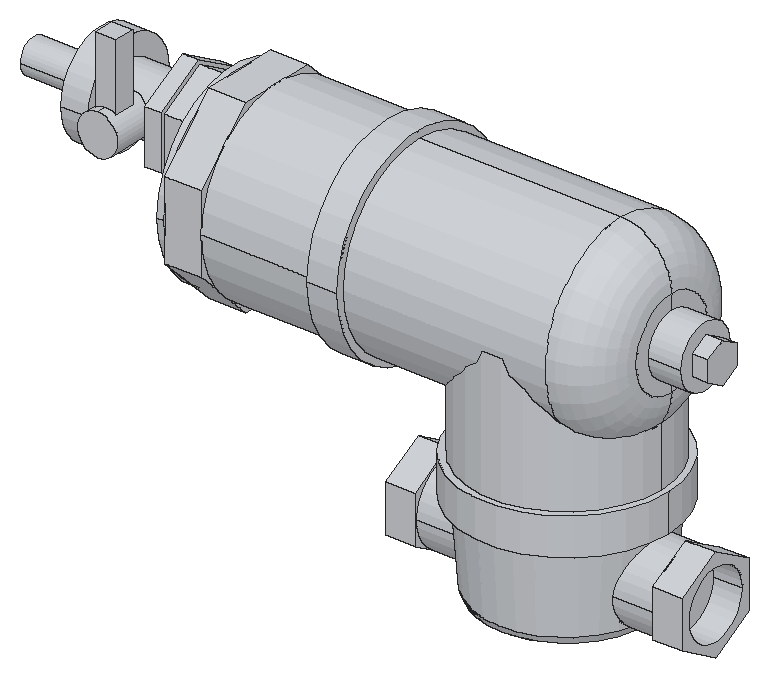
Revit family "307_eb0b83f8372340fea0bac8d04df53b", category Pipe Accessories, Revit 2022
Family settings
  Round Connector Dimension = Use Diameter
  Part Type = Breaks Into
  Work Plane-Based = No
  Always vertical = Yes
  Cut with Voids When Loaded = No
  Shared = No
Parameters (values of type "2272 34")
  magiProductId = "35f3b2b850e94ac5a021049affc966"
  magiProductFamilyId = "eb0b83f8372340fea0bac8d04df53b"
  magiPartTypeId = 307
  isMeasuringValve [instance] = no
  ang2D [instance] = 0.00°
  W2D = 25 mm
  VersionID = "2.0/2018.5.23.1/FAR_2272_001"
  Use Minimum Symbol Size [instance] = yes
  R9__ve = -R9  # -9 mm
  R9 = 9 mm
  R75 = 30.143 mm
  R73 = 28.143 mm
  R72 = 27.143 mm
  R71 = 24.143 mm
  R7 = 25.143 mm
  R6 = 6 mm
  R4 = 12 mm
  R3 = 14 mm
  R222S = 11.535 mm
  R222C = 27.848 mm
  R12 = 12 mm
  R = 10 mm
  QmdConnectorList = "301;D;302;D"
  Productdata [instance] = "© MagiCAD Group, all rights reserved"
  NT__ve = -NT  # -8.8 mm
  NT = 8.8 mm
  Manufacturer = "FAR"
  MC Product Code = "2272 34"
  LNT__ve = -LNT  # -70.4 mm
  LNT = 70.4 mm
  LLL__ve = -LLL  # -20 mm
  LLL = 20 mm
  LL = 10 mm
  L6__ve = -L6  # -6 mm
  L6 = 6 mm
  L5__ve = -L5  # -5 mm
  L5 = 5 mm
  L2D_Min = 3048 mm
  L2D = 102 mm
  L22__ve = -L22  # -2 mm
  L22 = 2 mm
  L2 = 44 mm
  L17__ve = -L17  # -16 mm
  L17 = 16 mm
  L16__ve = -L16  # -8 mm
  L16 = 8 mm
  L15 = 15 mm
  L12__ve = -L12  # -10 mm
  L12 = 10 mm
  L11__ve = -L11  # -11 mm
  L11 = 11 mm
  Description = "SMART swiveling dirt separator with magnetic ins., F-F conn."
  Default Elevation = 0 mm
  D = 20 mm
  CenSd_R6_6 = R6 * cos(30.00°)  # 5.196 mm
  CenSd_R3_6 = R3 * cos(30.00°)  # 12.124 mm
  CenSd_L17_6 = L17 * cos(30.00°)  # 13.856 mm
  CenSd_L15_6 = L15 * cos(30.00°)  # 12.99 mm
  CR = 64.857 mm
  B = 46 mm
  AA__ve = -AA  # -33 mm
  AA = 33 mm
Types (2, lengths in mm): name | magiProductId | R75 | R73 | R72 | R71 | R7 | R4 | R3 | R222S | R222C | R | Productdata | NT__ve | NT | MC Product Code | LNT__ve | LNT | LL | L2 | D | CenSd_R3_6 | CR | AA__ve | AA
  2272 1 | "91ba60368024448b924d3748f634a7" | 34.143 | 32.143 | 31.143 | 28.143 | 29.143 | 14.5 | 16.5 | 13.066 | 31.544 | 12.5 | "© Progman Oy, all rights reserved" | -10.2 | 10.2 | "2272 1" | -81.6 | 81.6 | 12.5 | 51 | 25 | 14.289 | 60.857 | -26 | 26
  2272 34 | "35f3b2b850e94ac5a021049affc966" | 30.143 | 28.143 | 27.143 | 24.143 | 25.143 | 12 | 14 | 11.535 | 27.848 | 10 | "© MagiCAD Group, all rights reserved" | -8.8 | 8.8 | "2272 34" | -70.4 | 70.4 | 10 | 44 | 20 | 12.124 | 64.857 | -33 | 33
Reference planes
  plane 1 "Center (Front/Back)": y = 0
  plane 2 "XYPLANE": z = 0
  plane 3 "Center (Left/Right)": x = 0
  plane 4 "326": z = 89.857
  plane 5 "325": y = -11
  plane 6 "322": x = -123
  plane 7 "319": x = -138
  plane 8 "316": x = -130
  plane 9 "313": x = -114
  plane 10 "304": x = -109
  plane 11 "301": z = 74.857
  plane 12 "297": x = -99
  plane 13 "296": z = 49.857
  plane 14 "287": x = 46
  plane 15 "283": x = -97
  plane 16 "278": z = 37.009
  plane 17 "277": z = 53.322
  plane 18 "276": z = 76.392
  plane 19 "275": z = 92.706
  plane 20 "274": x = -86
  plane 21 "273": x = -53
  plane 22 "268": z = 66.857
  plane 23 "267": z = 93
  plane 24 "264": x = 31
  plane 25 "263": x = 41
  plane 26 "258": z = 64.857
  plane 27 "228": y = 11.535
  plane 28 "227": y = 27.848
  plane 29 "226": y = -27.848
  plane 30 "225": y = -11.535
  plane 31 "155": z = -14
  plane 32 "150": z = -12
  plane 33 "146": z = -10
  plane 34 "119": z = 25
  plane 35 "97": z = 14
  plane 36 "91": x = 35.2
  plane 37 "39": x = 44
  plane 38 "38": x = -44
  plane 39 "37": z = 0
  plane 40 "36": y = 0
  plane 41 "35": x = 0
Forms (mm)
  Extrusion 1, solid
    sketch origin (750, -11, 0) x (-1, 0, 0) y (0, 0, 1)
      loop
        line (876, 99.857) -> (870, 99.857) -> (870, 79.857) -> (876, 79.857) -> (876, 99.857)
    from 0 to -6 <- "L6__ve"
  Extrusion 2, solid
    sketch origin (750, 0, 0) x (-1, 0, 0) y (0, 0, 1)
      loop
        circle (873, 74.857) r 6
    from 0 to -20 <- "LLL__ve"
  Extrusion 3, solid
    sketch origin (-138, -750, 0) x (0, 1, 0) y (0, 0, 1)
      loop
        circle (750, 74.857) r 5
    from 0 to -20 <- "LLL__ve"
  Extrusion 4, solid
    sketch origin (-130, -750, 0) x (0, 1, 0) y (0, 0, 1)
      loop
        circle (750, 74.857) r 15
    from 0 to -8 <- "L16__ve"
  Extrusion 5, solid
    sketch origin (-114, -750, 0) x (0, 1, 0) y (0, 0, 1)
      loop
        circle (750, 74.857) r 9
    from 0 to -16 <- "L17__ve"
  Extrusion 6, solid
    sketch origin (-109, -750, 0) x (0, 1, 0) y (0, 0, 1)
      loop
        line (750, 90.857) -> (736.144, 82.857) -> (736.144, 66.857) -> (750, 58.857) -> (763.856, 66.857) -> (763.856, 82.857) -> (750, 90.857)
    from 0 to -5 <- "L5__ve"
  Extrusion 7, solid
    sketch origin (-99, -750, 0) x (0, 1, 0) y (0, 0, 1)
      loop
        line (750, 89.857) -> (737.01, 82.357) -> (737.01, 67.357) -> (750, 59.857) -> (762.99, 67.357) -> (762.99, 82.357) -> (750, 89.857)
    from 0 to -10 <- "L12__ve"
  Extrusion 8, solid
    sketch origin (-99, -750, 0) x (0, 1, 0) y (0, 0, 1)
      loop
        line (751, 55.857) -> (749, 55.857) -> (749, 43.857) -> (751, 43.857) -> (751, 55.857)
    from 0 to -10 <- "L12__ve"
  Extrusion 9, solid
    sketch origin (-97, -750, 0) x (0, 1, 0) y (0, 0, 1)
      loop
        circle (750, 64.857) r 28.143
    from 0 to -2 <- "L22__ve"
  Extrusion 10, solid
    sketch origin (-86, -750, 0) x (0, 1, 0) y (0, 0, 1)
      loop
        line (738.465, 37.009) -> (761.535, 37.009) -> (777.848, 53.322) -> (777.848, 76.392) -> (761.535, 92.706) -> (738.465, 92.706) -> (722.152, 76.392) -> (722.152, 53.322) -> (738.465, 37.009)
    from 0 to -11 <- "L11__ve"
  Extrusion 11, solid
    sketch origin (-53, -750, 0) x (0, 1, 0) y (0, 0, 1)
      loop
        circle (750, 64.857) r 28.143
    from 0 to -33 <- "AA__ve"
  Revolve 12, solid
    sketch origin (-51, 0, 93) x (0, 0, -1) y (1, 0, 0)
      loop
        line (0, 7) -> (26.143, 7) -> (26.143, 82) -> (15, 82)
        arc (15, 82) -> (4.393, 77.607) -> (0, 67) r 15
        line (0, 67) -> (0, 7)
      axis (28.143, 82) -> (28.143, 7)
    angle from 0 to -360
  Extrusion 13, solid
    sketch origin (46, -750, 0) x (0, 1, 0) y (0, 0, 1)
      loop
        line (750, 70.857) -> (744.804, 67.857) -> (744.804, 61.857) -> (750, 58.857) -> (755.196, 61.857) -> (755.196, 67.857) -> (750, 70.857)
    from 0 to -5 <- "L5__ve"
  Extrusion 14, solid
    sketch origin (41, -750, 0) x (0, 1, 0) y (0, 0, 1)
      loop
        circle (750, 64.857) r 9
    from 0 to -10 <- "L12__ve"
  Extrusion 15, solid
    sketch origin (-44, -750, 0) x (0, 1, 0) y (0, 0, 1)
      loop
        circle (750, 64.857) r 30.143
    from 0 to -9 <- "R9__ve"
  Blend 16, solid
    base sketch origin (-750, 0, 14) x (1, 0, 0) y (0, 1, 0)
      loop
        circle (750, 0) r 30.143
    top sketch origin (-750, 0, 14) x (1, 0, 0) y (0, 1, 0)
      loop
        circle (750, 0) r 30.143
    from 0 to 11
  Blend 17, solid
    base sketch origin (-750, 0, -12) x (1, 0, 0) y (0, 1, 0)
      loop
        circle (750, 0) r 24.143
    top sketch origin (-750, 0, -12) x (1, 0, 0) y (0, 1, 0)
      loop
        circle (750, 0) r 9
    from 0 to -2
  Blend 18, solid
    base sketch origin (-750, 0, -12) x (1, 0, 0) y (0, 1, 0)
      loop
        circle (750, 0) r 24.143
    top sketch origin (-750, 0, -12) x (1, 0, 0) y (0, 1, 0)
      loop
        circle (750, 0) r 25.143
    from 0 to 2
  Blend 19, solid
    base sketch origin (-750, 0, 25) x (1, 0, 0) y (0, 1, 0)
      loop
        circle (750, 0) r 28.143
    top sketch origin (-750, 0, 25) x (1, 0, 0) y (0, 1, 0)
      loop
        circle (750, 0) r 28.143
    from 0 to 39.857
  Blend 20, solid
    base sketch origin (-750, 0, -10) x (1, 0, 0) y (0, 1, 0)
      loop
        circle (750, 0) r 25.143
    top sketch origin (-750, 0, -10) x (1, 0, 0) y (0, 1, 0)
      loop
        circle (750, 0) r 27.143
    from 0 to 24
  Extrusion 21, solid
    sketch origin (35.2, -750, 0) x (0, 1, 0) y (0, 0, 1)
      loop
        circle (750, 0) r 12
    from 0 to -70.4 <- "LNT__ve"
  Extrusion 22, solid
    sketch origin (44, -750, 0) x (0, 1, 0) y (0, 0, 1)
      loop
        line (750, 14) -> (737.876, 7) -> (737.876, -7) -> (750, -14) -> (762.124, -7) -> (762.124, 7) -> (750, 14)
      loop
        circle (750, 0) r 10
    from 0 to -8.8 <- "NT__ve"
  Extrusion 23, solid
    sketch origin (-44, -750, 0) x (0, 1, 0) y (0, 0, 1)
      loop
        line (750, 14) -> (737.876, 7) -> (737.876, -7) -> (750, -14) -> (762.124, -7) -> (762.124, 7) -> (750, 14)
      loop
        circle (750, 0) r 10
    from 0 to 8.8 <- "NT"
  Extrusion 24, solid, not visible
    sketch origin (44, -750, 0) x (0, 1, 0) y (0, 0, 1)
      loop
        circle (750, 0) r 10
    from 0 to -10
  Extrusion 25, solid, not visible
    sketch origin (-44, -750, 0) x (0, 1, 0) y (0, 0, 1)
      loop
        circle (750, 0) r 10
    from 0 to 10
Lines and regions (mm)
  reference lines, not visible
    curve 1: circle (2, 2, 0) r 1 normal (0, 0, 1)
  reference lines
    curve 2: circle (-123, -11, 89.857) r 1 normal (0, -1, 0)
    curve 3: line (-109, 0, 74.857) -> (-109, 6.928, 70.857)
    curve 4: line (-109, 0, 74.857) -> (-109, 0, 66.857)
    curve 5: line (-109, 0, 74.857) -> (-109, -6.928, 70.857)
    curve 6: line (-99, 0, 74.857) -> (-99, 6.495, 71.107)
    curve 7: line (-99, 0, 74.857) -> (-99, 0, 67.357)
    curve 8: line (-99, 0, 74.857) -> (-99, -6.495, 71.107)
    curve 9: circle (-99, 0, 49.857) r 1 normal (-1, 0, 0)
    curve 10: line (46, 0, 64.857) -> (46, 2.598, 63.357)
    curve 11: line (46, 0, 64.857) -> (46, 0, 61.857)
    curve 12: line (46, 0, 64.857) -> (46, -2.598, 63.357)
    curve 13: line (44, 0, 0) -> (44, 7.145, -4.125)
    curve 14: line (44, 0, 0) -> (44, 0, -8.25)
    curve 15: line (44, 0, 0) -> (44, -7.145, -4.125)
    curve 16: line (-44, 0, 0) -> (-44, -7.145, -4.125)
    curve 17: line (-44, 0, 0) -> (-44, 0, -8.25)
    curve 18: line (-44, 0, 0) -> (-44, 7.145, -4.125)
Dimensions and locks
  plane 1 "Center (Front/Back)" to curve 1 = 2 mm
  "L15": plane 11 "301" to plane 4 "326"
  "L11": plane 40 "36" to plane 5 "325"
  "R9": plane 9 "313" to plane 6 "322"
  "L16": plane 8 "316" to plane 7 "319"
  "L17": plane 9 "313" to plane 8 "316"
  "L5": plane 10 "304" to plane 9 "313"
  "L12": plane 12 "297" to plane 10 "304"
  locked: plane 26 "258" to plane 11 "301" at 10
  "L22": plane 15 "283" to plane 12 "297"
  locked: plane 26 "258" to plane 13 "296" at 15
  "B": plane 41 "35" to plane 14 "287"
  "L11": plane 20 "274" to plane 15 "283"
  "R222C": plane 26 "258" to plane 16 "278"
  "R222S": plane 26 "258" to plane 17 "277"
  "R222S": plane 26 "258" to plane 18 "276"
  "R222C": plane 26 "258" to plane 19 "275"
  "AA": plane 21 "273" to plane 20 "274"
  "R9": plane 38 "38" to plane 21 "273"
  locked: plane 26 "258" to plane 22 "268" at 2
  "R73": plane 26 "258" to plane 23 "267"
  "L12": plane 25 "263" to plane 24 "264"
  "L5": plane 14 "287" to plane 25 "263"
  "CR": plane 2 "XYPLANE" to plane 26 "258"
  "R222S": plane 1 "Center (Front/Back)" to plane 27 "228"
  "R222C": plane 1 "Center (Front/Back)" to plane 28 "227"
  "R222C": plane 1 "Center (Front/Back)" to plane 29 "226"
  "R222S": plane 1 "Center (Front/Back)" to plane 30 "225"
  "L22": plane 32 "150" to plane 31 "155"
  "L22": plane 33 "146" to plane 32 "150"
  "LL": plane 2 "XYPLANE" to plane 33 "146"
  "L11": plane 35 "97" to plane 34 "119"
  "R3": plane 2 "XYPLANE" to plane 35 "97"
  "NT": plane 37 "39" to plane 36 "91"
  "L2": plane 3 "Center (Left/Right)" to plane 37 "39"
  "L2": plane 3 "Center (Left/Right)" to plane 38 "38"
  locked: plane 2 "XYPLANE" to plane 39 "37"
  locked: plane 1 "Center (Front/Back)" to plane 40 "36"
  locked: plane 3 "Center (Left/Right)" to plane 41 "35"
  equal spacing: Extrusion 1 sketch curve, curve 2, Extrusion 1 sketch curve  (x2)
  "L6": Extrusion 1 sketch curve to Extrusion 1 sketch curve
  "LLL": Extrusion 1 sketch curve to Extrusion 1 sketch curve
  Extrusion 1 sketch curve to Extrusion 1 sketch curve = 0 mm  (x8)
  "CenSd_L17_6": curve 3 to Extrusion 6 sketch curve  (x2)
  "CenSd_L17_6": curve 4 to Extrusion 6 sketch curve  (x2)
  "CenSd_L17_6": curve 5 to Extrusion 6 sketch curve  (x2)
  Extrusion 6 sketch curve to Extrusion 6 sketch curve = 0 mm  (x12)
  "CenSd_L15_6": curve 6 to Extrusion 7 sketch curve  (x2)
  "CenSd_L15_6": curve 7 to Extrusion 7 sketch curve  (x2)
  "CenSd_L15_6": curve 8 to Extrusion 7 sketch curve  (x2)
  Extrusion 7 sketch curve to Extrusion 7 sketch curve = 0 mm  (x12)
  equal spacing: Extrusion 8 sketch curve, curve 9, Extrusion 8 sketch curve  (x2)
  "L22": Extrusion 8 sketch curve to Extrusion 8 sketch curve
  "R12": Extrusion 8 sketch curve to Extrusion 8 sketch curve
  Extrusion 8 sketch curve to Extrusion 8 sketch curve = 0 mm  (x8)
  Extrusion 10 sketch curve to Extrusion 10 sketch curve = 0 mm  (x16)
  Revolve 12 sketch curve to Revolve 12 sketch curve = 0 mm  (x10)
  "CenSd_R6_6": curve 10 to Extrusion 13 sketch curve  (x2)
  "CenSd_R6_6": curve 11 to Extrusion 13 sketch curve  (x2)
  "CenSd_R6_6": curve 12 to Extrusion 13 sketch curve  (x2)
  Extrusion 13 sketch curve to Extrusion 13 sketch curve = 0 mm  (x12)
  "CenSd_R3_6": curve 13 to Extrusion 22 sketch curve  (x2)
  "CenSd_R3_6": curve 14 to Extrusion 22 sketch curve  (x2)
  "CenSd_R3_6": curve 15 to Extrusion 22 sketch curve  (x2)
  Extrusion 22 sketch curve to Extrusion 22 sketch curve = 0 mm  (x12)
  "CenSd_R3_6": curve 16 to Extrusion 23 sketch curve  (x2)
  "CenSd_R3_6": curve 17 to Extrusion 23 sketch curve  (x2)
  "CenSd_R3_6": curve 18 to Extrusion 23 sketch curve  (x2)
  Extrusion 23 sketch curve to Extrusion 23 sketch curve = 0 mm  (x12)
  "L6": radius of Extrusion 2 sketch curve
  "L5": radius of Extrusion 3 sketch curve
  "L15": radius of Extrusion 4 sketch curve
  "R9": radius of Extrusion 5 sketch curve
  "R73": radius of Extrusion 9 sketch curve
  "R73": radius of Extrusion 11 sketch curve
  "L15": radius of Revolve 12 sketch curve
  "R9": radius of Extrusion 14 sketch curve
  "R75": radius of Extrusion 15 sketch curve
  "R75": radius of Blend 16 sketch curve  (x2)
  "R9": radius of Blend 17 sketch curve
  "R71": radius of Blend 17 sketch curve
  "R7": radius of Blend 18 sketch curve
  "R71": radius of Blend 18 sketch curve
  "R73": radius of Blend 19 sketch curve  (x2)
  "R72": radius of Blend 20 sketch curve
  "R7": radius of Blend 20 sketch curve
  "R4": radius of Extrusion 21 sketch curve
  "R": radius of Extrusion 22 sketch curve
  "R": radius of Extrusion 23 sketch curve
  locked: curve 4 to curve 3 (angle 60.00°)
  locked: curve 5 to curve 4 (angle 60.00°)
  locked: curve 5 to curve 3 (angle 120.00°)
  locked: curve 7 to curve 6 (angle 60.00°)
  locked: curve 8 to curve 7 (angle 60.00°)
  locked: curve 8 to curve 6 (angle 120.00°)
  locked: curve 11 to curve 10 (angle 60.00°)
  locked: curve 12 to curve 11 (angle 60.00°)
  locked: curve 12 to curve 10 (angle 120.00°)
  locked: curve 14 to curve 13 (angle 60.00°)
  locked: curve 15 to curve 14 (angle 60.00°)
  locked: curve 15 to curve 13 (angle 120.00°)
  locked: curve 17 to curve 16 (angle 60.00°)
  locked: curve 18 to curve 17 (angle 60.00°)
  locked: curve 18 to curve 16 (angle 120.00°)
  aligned and locked: level to plane 2 "XYPLANE"
  aligned and locked: plane 4 "326" to curve 2
  aligned and locked: plane 6 "322" to curve 2
  aligned and locked: plane 6 "322" to Extrusion 2 sketch curve
  aligned and locked: plane 11 "301" to Extrusion 2 sketch curve
  aligned and locked: plane 11 "301" to Extrusion 3 sketch curve
  aligned and locked: plane 40 "36" to Extrusion 3 sketch curve
  aligned and locked: plane 11 "301" to Extrusion 4 sketch curve
  aligned and locked: plane 40 "36" to Extrusion 4 sketch curve
  aligned and locked: plane 11 "301" to Extrusion 5 sketch curve
  aligned and locked: plane 40 "36" to Extrusion 5 sketch curve
  aligned and locked: plane 11 "301" to curve 5
  aligned and locked: plane 40 "36" to curve 5
  aligned and locked: plane 11 "301" to curve 8
  aligned and locked: plane 40 "36" to curve 8
  aligned and locked: plane 13 "296" to curve 9
  aligned and locked: plane 40 "36" to curve 9
  aligned and locked: plane 26 "258" to Extrusion 9 sketch curve
  aligned and locked: plane 40 "36" to Extrusion 9 sketch curve
  aligned and locked: Extrusion 10 sketch curve to plane 16 "278"
  aligned and locked: plane 30 "225" to Extrusion 10 sketch curve  (x2)
  aligned and locked: plane 27 "228" to Extrusion 10 sketch curve  (x2)
  aligned and locked: plane 16 "278" to Extrusion 10 sketch curve
  aligned and locked: plane 17 "277" to Extrusion 10 sketch curve  (x2)
  aligned and locked: plane 28 "227" to Extrusion 10 sketch curve  (x2)
  aligned and locked: plane 18 "276" to Extrusion 10 sketch curve  (x2)
  aligned and locked: plane 19 "275" to Extrusion 10 sketch curve  (x2)
  aligned and locked: Extrusion 10 sketch curve to plane 29 "226"
  aligned and locked: plane 29 "226" to Extrusion 10 sketch curve
  aligned and locked: plane 26 "258" to Extrusion 11 sketch curve
  aligned and locked: plane 40 "36" to Extrusion 11 sketch curve
  aligned and locked: plane 23 "267" to Revolve 12 sketch curve
  aligned and locked: plane 38 "38" to Revolve 12 sketch curve  (x2)
  aligned and locked: plane 24 "264" to Revolve 12 sketch curve  (x3)
  aligned and locked: plane 22 "268" to Revolve 12 sketch curve  (x2)
  aligned and locked: Revolve 12 sketch curve to plane 38 "38"
  aligned and locked: plane 26 "258" to curve 12
  aligned and locked: plane 40 "36" to curve 12
  aligned and locked: plane 26 "258" to Extrusion 14 sketch curve
  aligned and locked: plane 40 "36" to Extrusion 14 sketch curve
  aligned and locked: plane 26 "258" to Extrusion 15 sketch curve
  aligned and locked: plane 40 "36" to Extrusion 15 sketch curve
  aligned and locked: plane 40 "36" to Blend 16 sketch curve  (x2)
  aligned and locked: plane 41 "35" to Blend 16 sketch curve  (x2)
  aligned and locked: plane 34 "119" to Blend 16
  aligned and locked: plane 40 "36" to Blend 17 sketch curve  (x2)
  aligned and locked: plane 41 "35" to Blend 17 sketch curve  (x2)
  aligned and locked: Blend 17 to plane 31 "155"
  aligned and locked: plane 40 "36" to Blend 18 sketch curve  (x2)
  aligned and locked: plane 41 "35" to Blend 18 sketch curve  (x2)
  aligned and locked: plane 33 "146" to Blend 18
  aligned and locked: plane 40 "36" to Blend 19 sketch curve  (x2)
  aligned and locked: plane 41 "35" to Blend 19 sketch curve  (x2)
  aligned and locked: plane 26 "258" to Blend 19
  aligned and locked: plane 40 "36" to Blend 20 sketch curve  (x2)
  aligned and locked: plane 41 "35" to Blend 20 sketch curve  (x2)
  aligned and locked: plane 35 "97" to Blend 20
  aligned and locked: plane 39 "37" to Extrusion 21 sketch curve
  aligned and locked: Extrusion 21 sketch curve to plane 40 "36"
  aligned and locked: plane 39 "37" to curve 15
  aligned and locked: curve 15 to plane 40 "36"
  aligned and locked: plane 39 "37" to Extrusion 22 sketch curve
  aligned and locked: Extrusion 22 sketch curve to plane 40 "36"
  aligned and locked: plane 39 "37" to curve 18
  aligned and locked: curve 18 to plane 40 "36"
  aligned and locked: plane 39 "37" to Extrusion 23 sketch curve
  aligned and locked: Extrusion 23 sketch curve to plane 40 "36"
  aligned and locked: plane 39 "37" to Extrusion 24 sketch curve
  aligned and locked: Extrusion 24 sketch curve to plane 40 "36"
  aligned and locked: plane 39 "37" to Extrusion 25 sketch curve
  aligned and locked: Extrusion 25 sketch curve to plane 40 "36"
Automatic sketch dimensions
  plane 5 "325" to Extrusion 24 sketch curve = 1 mm
  plane 5 "325" to Extrusion 25 sketch curve = 1 mm
  plane 3 "Center (Left/Right)" to curve 1 = 2 mm
  plane 6 "322" to Extrusion 1 sketch curve = 3 mm
  plane 18 "276" to Extrusion 1 sketch curve = 3.465 mm
  plane 1 "Center (Front/Back)" to Extrusion 8 sketch curve = 1 mm
  Extrusion 8 sketch curve to plane 13 "296" = 6 mm
  Revolve 12 sketch curve to plane 26 "258" = 0 mm
  radius of curve 2 = 1 mm
  radius of curve 9 = 1 mm
  radius of curve 1 = 1 mm
Connectors
  piping at (-44, 0, 0), diameter 20, driven by "D"
    settings: on Extrusion 25, index 1, connector inside diameter 609.6 mm, connector length 0 mm, flow factor 0, pipe flow 0.0 L/s, pressure drop 0.0 Pa, fitting loss kfactor 0, connector angle 0.00°, fixture units 0, engagement length 0 mm, angle of deflection 0.00°, flow configuration 0, flow direction 0, fitting loss method 0, system type 29, joint type 0, gender type 0, connector reference index 2, connector utility 0, adjustable connector no, is connector primary yes, connector description ""
  piping at (44, 0, 0), diameter 20, driven by "D"
    settings: on Extrusion 24, index 2, connector inside diameter 609.6 mm, connector length 0 mm, flow factor 0, pipe flow 0.0 L/s, pressure drop 0.0 Pa, fitting loss kfactor 0, connector angle 0.00°, fixture units 0, engagement length 0 mm, angle of deflection 0.00°, flow configuration 0, flow direction 0, fitting loss method 0, system type 29, joint type 0, gender type 0, connector reference index 1, connector utility 0, adjustable connector no, is connector primary no, connector description ""
